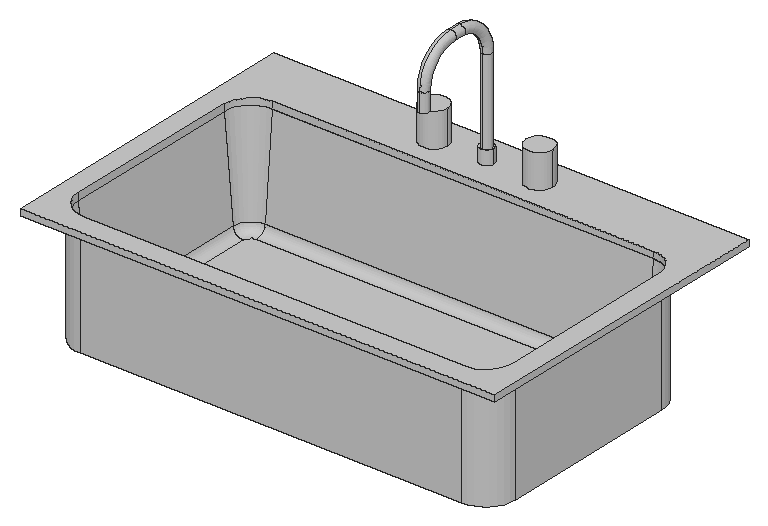
Revit family "M_Pia da cozinha-Simples", category Peças hidrossanitárias, Revit 2019
Family settings
  Cota do conector redondo = Utilizar diâmetro
  Tipo de parte = Normal
  Número OmniClass = 23.45.05.14.14
  Título OmniClass = Sinks/Lavatories
  ID de item do Seek = Sink Kitchen-Single-0000-CAN-ENU
  Com base no plano de trabalho = Não
  Sempre na vertical = Sim
  Corte com vazios quando carregada = Não
  Compartilhado = Sim
  Ponto de cálculo do ambiente = Não
Parameters (values of type "900 x  600mm")
  Altura do balcão [instance] = 900.00 mm
  Linear = 600.00 mm
  Material hidráulico = Aço, Polido
  Material da pia = Aço, Polido
  Largura = 900.00 mm
  Assembly Code = ""
Types (2, lengths in mm): name | Linear | Largura
  760 x 535mm | 535.00 | 760.00
  900 x  600mm | 600.00 | 900.00
Reference planes
  plane 1 "Centro (Frente/Trás)": y = 2.345
  plane 2: z = 0
  plane 3 "Centro (Esquerda/Direita)": x = 15.689
  plane 4: y = 302.345
  plane 5: y = -297.655
  plane 6: x = -434.311
  plane 7: x = 465.689
  plane 8 "Topo do balcão": z = 900
  plane 9: z = 912.7
  plane 10: z = 684.1
  plane 11: y = 188.045
  plane 12: x = -396.211
  plane 13: y = -259.555
  plane 14: x = 427.589
  plane 15: x = -84.311
  plane 16: x = 115.689
  plane 17: y = 245.195
  plane 18: y = 245.195
  plane 19: y = 245.195
  plane 20: z = 1163.525
  plane 21: y = 95.97
  plane 22: z = 976.2
  plane 23: z = 938.1
Forms (mm)
  Extrusion 1, solid, material "Aço, Polido" <- "Material da pia"
    sketch origin (0, 0, 0) x (1, 0, 0) y (0, 1, 0)
      loop
        line (-434.311, 302.345) -> (-434.311, -297.655) -> (465.689, -297.655) -> (465.689, 302.345) -> (-434.311, 302.345)
      loop
        arc (-345.411, 188.045) -> (-381.332, 173.166) -> (-396.211, 137.245) r 50.8
        line (-396.211, 137.245) -> (-396.211, -208.755)
        arc (-396.211, -208.755) -> (-381.332, -244.676) -> (-345.411, -259.555) r 50.8
        line (-345.411, -259.555) -> (376.789, -259.555)
        arc (376.789, -259.555) -> (412.71, -244.676) -> (427.589, -208.755) r 50.8
        line (427.589, -208.755) -> (427.589, 137.245)
        arc (427.589, 137.245) -> (412.71, 173.166) -> (376.789, 188.045) r 50.8
        line (376.789, 188.045) -> (-345.411, 188.045)
    from 900 to 912.7
  Sweep 2, solid, material "Aço, Polido" <- "Material da pia"
    path origin (0, 0, 0) x (1, 0, 0) y (0, 1, 0)
      loop
        arc (-345.411, 188.045) -> (-381.332, 173.166) -> (-396.211, 137.245) r 50.8
        line (-396.211, 137.245) -> (-396.211, -208.755)
        arc (-396.211, -208.755) -> (-381.332, -244.676) -> (-345.411, -259.555) r 50.8
        line (-345.411, -259.555) -> (376.789, -259.555)
        arc (376.789, -259.555) -> (412.71, -244.676) -> (427.589, -208.755) r 50.8
        line (427.589, -208.755) -> (427.589, 137.245)
        arc (427.589, 137.245) -> (412.71, 173.166) -> (376.789, 188.045) r 50.8
        line (376.789, 188.045) -> (-345.411, 188.045)
    profile origin (15.689, 0, 0) x (0, 1, 0) y (0, 0, 1)
      loop
        line (188.045, 900) -> (171.511, 711.015)
        arc (171.511, 711.015) -> (165.404, 698.63) -> (152.534, 693.625) r 19.05
        line (152.534, 693.625) -> (149.945, 693.625) -> (149.945, 684.1) -> (194.395, 684.1) -> (194.395, 900) -> (188.045, 900)
  Extrusion 3, solid, material "Aço, Polido" <- "Material da pia"
    sketch origin (0, 0, 0) x (1, 0, 0) y (0, 1, 0)
      loop
        arc (-345.411, 149.945) -> (-354.391, 146.226) -> (-358.111, 137.245) r 12.7
        line (-358.111, 137.245) -> (-358.111, -208.755)
        arc (-358.111, -208.755) -> (-354.391, -217.735) -> (-345.411, -221.455) r 12.7
        line (-345.411, -221.455) -> (376.789, -221.455)
        arc (376.789, -221.455) -> (385.769, -217.735) -> (389.489, -208.755) r 12.7
        line (389.489, -208.755) -> (389.489, 137.245)
        arc (389.489, 137.245) -> (385.769, 146.226) -> (376.789, 149.945) r 12.7
        line (376.789, 149.945) -> (-345.411, 149.945)
      loop
        circle (15.689, 0) r 25.4
    from 684.1 to 693.625
  Extrusion 4, solid, material "Aço, Polido" <- "Material hidráulico"
    sketch origin (0, 0, 0) x (1, 0, 0) y (0, 1, 0)
      loop
        circle (-84.311, 245.195) r 25.4
      loop
        circle (115.689, 245.195) r 25.4
    from 912.7 to 976.2
  Sweep 5, solid, material "Aço, Polido" <- "Material hidráulico"
    path origin (15.689, 0, 0) x (0, 1, 0) y (0, 0, 1)
      loop
        line (245.195, 912.7) -> (245.195, 1100.025)
        arc (245.195, 1100.025) -> (226.597, 1144.926) -> (181.695, 1163.525) r 63.5
        line (181.695, 1163.525) -> (159.47, 1163.525)
        arc (159.47, 1163.525) -> (114.569, 1144.926) -> (95.97, 1100.025) r 63.5
        line (95.97, 1100.025) -> (95.97, 1065.1)
    profile origin (15.689, 0, 1006.363) x (0, -1, 0) y (1, 0, 0)
      loop
        circle (-245.195, 0) r 9.525
  Extrusion 6, solid, material "Aço, Polido" <- "Material hidráulico"
    sketch origin (0, 0, 0) x (1, 0, 0) y (0, 1, 0)
      loop
        circle (15.689, 245.195) r 12.7
    from 912.7 to 938.1
Cuts and joins
  joined: Sweep 5, Extrusion 6
  joined: Sweep 2, Extrusion 3
Lines and regions (mm)
  Masking region 1
    outline origin (0, 0, 900) x (0, -1, 0) y (1, 0, 0)
      loop
        line (-302.345, -434.311) -> (297.655, -434.311) -> (297.655, 465.689) -> (-302.345, 465.689) -> (-302.345, -434.311)
  symbolic lines
    curve 1: arc (41.089, 0, 900) -> (15.689, 25.4, 900) -> (-9.711, 0, 900) r 25.4
    curve 2: arc (-9.711, 0, 900) -> (15.689, -25.4, 900) -> (41.089, 0, 900) r 25.4
    curve 3: line (-396.211, 137.245, 900) -> (-396.211, -208.755, 900)
    curve 4: line (-345.411, -259.555, 900) -> (376.789, -259.555, 900)
    curve 5: line (427.589, -208.755, 900) -> (427.589, 137.245, 900)
    curve 6: line (376.789, 188.045, 900) -> (28.389, 188.045, 900)
    curve 7: arc (427.589, 137.245, 900) -> (412.71, 173.166, 900) -> (376.789, 188.045, 900) r 50.8
    curve 8: arc (376.789, -259.555, 900) -> (412.71, -244.676, 900) -> (427.589, -208.755, 900) r 50.8
    curve 9: arc (-396.211, -208.755, 900) -> (-381.332, -244.676, 900) -> (-345.411, -259.555, 900) r 50.8
    curve 10: arc (-345.411, 188.045, 900) -> (-381.332, 173.166, 900) -> (-396.211, 137.245, 900) r 50.8
    curve 11: arc (28.389, 245.195, 900) -> (15.689, 257.895, 900) -> (2.989, 245.195, 900) r 12.7
    curve 12: line (2.989, 245.195, 900) -> (2.989, 53.145, 900)
    curve 13: line (28.389, 245.195, 900) -> (28.389, 53.145, 900)
    curve 14: arc (28.389, 53.145, 900) -> (15.689, 40.445, 900) -> (2.989, 53.145, 900) r 12.7
    curve 15: line (2.989, 188.045, 900) -> (-345.411, 188.045, 900)
    curve 16: arc (-58.911, 245.195, 900) -> (-84.311, 270.595, 900) -> (-109.711, 245.195, 900) r 25.4
    curve 17: arc (-109.711, 245.195, 900) -> (-84.311, 219.795, 900) -> (-58.911, 245.195, 900) r 25.4
    curve 18: arc (90.289, 245.195, 900) -> (115.689, 219.795, 900) -> (141.089, 245.195, 900) r 25.4
    curve 19: arc (141.089, 245.195, 900) -> (115.689, 270.595, 900) -> (90.289, 245.195, 900) r 25.4
Dimensions and locks
  equal spacing: plane 6, plane 3 "Centro (Esquerda/Direita)", plane 7
  "Largura": plane 6 to plane 7
  equal spacing: plane 5, plane 1 "Centro (Frente/Trás)", plane 4
  "Linear": plane 5 to plane 4
  "Altura do balcão": plane 8 "Topo do balcão" to plane 2
  locked: plane 9 to plane 8 "Topo do balcão" at 12.7
  locked: plane 8 "Topo do balcão" to plane 10 at 215.9
  locked: plane 6 to plane 12 at 38.1
  locked: plane 14 to plane 7 at 38.1
  locked: plane 11 to plane 4 at 114.3
  locked: plane 5 to plane 13 at 38.1
  equal spacing: plane 11, plane 17, plane 4
  equal spacing: plane 11, plane 18, plane 4
  equal spacing: plane 4, plane 19, plane 11
  locked: plane 19 to plane 21 at 149.225
  locked: plane 20 to plane 9 at 250.825
  locked: plane 22 to plane 9 at 63.5
  locked: plane 23 to plane 9 at 25.4
  locked: plane 15 to plane 3 "Centro (Esquerda/Direita)" at 100
  locked: plane 3 "Centro (Esquerda/Direita)" to plane 16 at 100
  aligned and locked: Extrusion 1 sketch curve to plane 5
  aligned and locked: plane 7 to Extrusion 1 sketch curve
  aligned and locked: plane 4 to Extrusion 1 sketch curve
  aligned and locked: Extrusion 1 sketch curve to plane 6
  aligned and locked: plane 8 "Topo do balcão" to Extrusion 1
  aligned and locked: Extrusion 1 to plane 9
  aligned and locked: plane 11 to Extrusion 1 sketch curve
  aligned and locked: plane 14 to Extrusion 1 sketch curve
  aligned and locked: Extrusion 1 sketch curve to plane 12
  aligned and locked: Extrusion 1 sketch curve to plane 13
  aligned and locked: plane 11 to Sweep 2 sketch curve
  aligned and locked: plane 14 to Sweep 2 sketch curve
  aligned and locked: Sweep 2 sketch curve to plane 12
  aligned and locked: Sweep 2 sketch curve to plane 13
  aligned and locked: Sweep 2 to Extrusion 3 sketch curve  (x4)
  aligned and locked: Sweep 2 to Extrusion 3
  aligned and locked: plane 10 to Extrusion 3
  aligned and locked: Sweep 2 sketch curve to plane 10
  aligned and locked: plane 8 "Topo do balcão" to Sweep 2 sketch curve
  aligned and locked: Extrusion 4 to Extrusion 1
  aligned and locked: Extrusion 6 to Extrusion 1
  aligned and locked: Sweep 5 sketch curve to plane 19
  aligned and locked: plane 20 to Sweep 5 sketch curve
  aligned and locked: plane 21 to Sweep 5 sketch curve
  aligned and locked: Extrusion 4 to plane 22
  aligned and locked: Extrusion 6 to plane 23
  aligned and locked: plane 7 to Masking region 1 sketch curve
  aligned and locked: plane 4 to Masking region 1 sketch curve
  aligned and locked: Masking region 1 sketch curve to plane 6
  aligned and locked: Masking region 1 sketch curve to plane 5
  aligned and locked: plane 15 to Extrusion 4 sketch curve
  aligned and locked: plane 17 to Extrusion 4 sketch curve  (x2)
  aligned and locked: plane 16 to Extrusion 4 sketch curve
  aligned and locked: curve 16 to Extrusion 4
  aligned and locked: curve 18 to Extrusion 4
Automatic sketch dimensions
  Sweep 2 sketch curve to plane 12 = 50.80 mm
  Sweep 2 sketch curve to Sweep 2 sketch curve = 50.80 mm
  plane 11 to Sweep 2 sketch curve = 50.80 mm
  plane 14 to Sweep 2 sketch curve = 50.80 mm
  Extrusion 1 sketch curve to plane 12 = 50.80 mm  (x2)
  plane 14 to Extrusion 1 sketch curve = 50.80 mm  (x2)
  Extrusion 3 sketch curve to plane 3 "Centro (Esquerda/Direita)" = 0.00 mm
  Extrusion 3 sketch curve to Extrusion 3 sketch curve = 12.70 mm  (x4)
  plane 1 "Centro (Frente/Trás)" to Extrusion 3 sketch curve = 2.345 mm
  Extrusion 3 sketch curve to plane 3 "Centro (Esquerda/Direita)" = 25.40 mm
  Sweep 2 sketch curve to profile plane = 0.00 mm
  profile plane to Sweep 2 sketch curve = 16.534 mm
  Sweep 2 sketch curve to Sweep 2 sketch curve = 18.978 mm
  Sweep 2 sketch curve to Sweep 2 sketch curve = 2.588 mm
  Sweep 2 sketch curve to profile plane = 6.35 mm
  Sweep 2 sketch curve to Sweep 2 sketch curve = 9.525 mm
  Sweep 2 sketch curve to Sweep 2 sketch curve = 17.39 mm
  plane 15 to Extrusion 4 sketch curve = 25.40 mm
  plane 16 to Extrusion 4 sketch curve = 25.40 mm
  Sweep 5 sketch curve to plane 3 "Centro (Esquerda/Direita)" = 0.00 mm
  Sweep 5 sketch curve to profile plane = 0.00 mm
  profile plane to Sweep 5 sketch curve = 9.525 mm
  Extrusion 6 sketch curve to plane 18 = 0.00 mm
  Extrusion 6 sketch curve to plane 3 "Centro (Esquerda/Direita)" = 0.00 mm
  Extrusion 6 sketch curve to plane 3 "Centro (Esquerda/Direita)" = 12.70 mm
  Sweep 5 sketch curve to plane 9 = 0.00 mm
  Sweep 5 sketch curve to Sweep 5 sketch curve = 63.50 mm
  plane 11 to Sweep 5 sketch curve = 6.35 mm
  Sweep 5 sketch curve to Sweep 5 sketch curve = 34.925 mm
  curve 15 to plane 11 = 0.00 mm
  curve 6 to plane 11 = 0.00 mm
  curve 5 to plane 14 = 0.00 mm
  curve 3 to plane 12 = 0.00 mm
  curve 14 to plane 3 "Centro (Esquerda/Direita)" = 0.00 mm
  curve 2 to plane 3 "Centro (Esquerda/Direita)" = 0.00 mm
  curve 9 to plane 13 = 0.00 mm
  plane 4 to curve 11 = 57.15 mm
  plane 11 to curve 7 = 50.80 mm
  plane 11 to curve 10 = 50.80 mm
  curve 13 to plane 1 "Centro (Frente/Trás)" = 50.80 mm
  plane 1 "Centro (Frente/Trás)" to curve 1 = 2.345 mm
  curve 3 to plane 13 = 50.80 mm
  curve 8 to plane 13 = 50.80 mm
  curve 2 to plane 3 "Centro (Esquerda/Direita)" = 25.40 mm
  curve 15 to plane 3 "Centro (Esquerda/Direita)" = 12.70 mm
